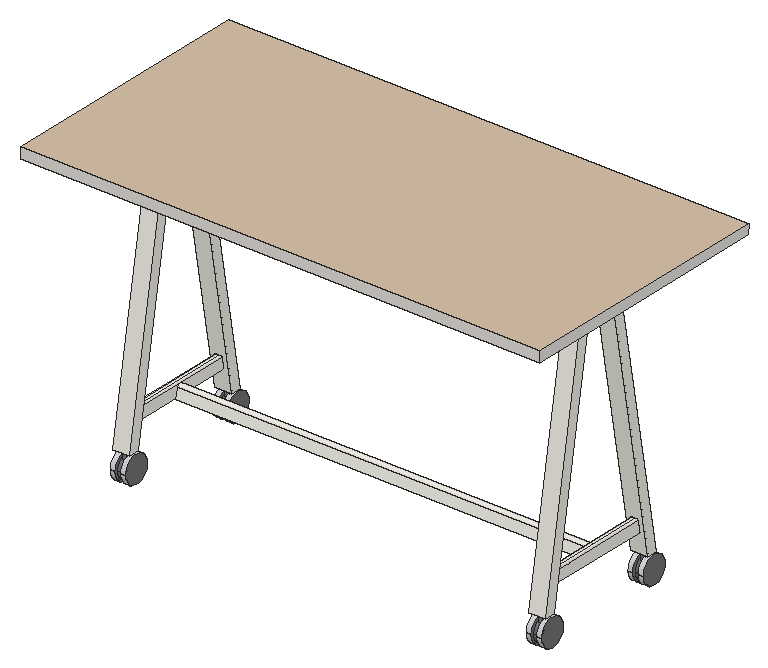
Revit family "Haworth_PopUp_Rectangle_BUILD Luqman", category Furniture, Revit 2015
Parameters (values of type "TPRA-3060 - 36h 30d 60w")
  Warranty = "http://www.haworth.com/resources/product-info/warranties"
  URL - Product = "https://www.haworth.com/products/tables/collaborative/popup"
  Type Comments = ""
  Top Finish [instance] = Haworth _ Wood _ White Oak
  Table Finish [instance] = Haworth _ Wood _ White Oak
  Table Edge Finish [instance] = Haworth _ Laminate _ Linen H-WL
  Sustainability Info = "https://media.haworth.com/asset/112938/PopUp%20Table.pdf"
  Model = "TPRA"  # constant formula
  Leg Finish [instance] = Haworth _ Paint _ Metallic White
  Min/Max Height = "36, 41in."  # constant formula
  Glides = not(Casters)  # no
  Foot Rail Finish [instance] = Haworth _ Paint _ Metallic White
  Description = "Haworth PopUp - Rectangular Table - 36h 30d 60w - Glides"
  Width = 60"
  URL = "www.haworth.com"
  Table Thickness = 1 3/16"  # constant formula
  Support Offset = 6"  # constant formula
  Size = "Verify Final Dim. w/ Haworth"  # constant formula
  Revision Number = "1"  # constant formula
  Min/Max Width = "48, 54, 60, 66, 72 in."  # constant formula
  Min/Max Depth = "18, 24, 30in."  # constant formula
  Min. Width = 48"  # constant formula
  Max. Width = 72"  # constant formula
  Min. Depth = 18"  # constant formula
  Max. Depth = 30"  # constant formula
  Manufacturer = "Haworth"  # constant formula
  Leg Height = Actual Height - Table Thickness  # 34 13/16"
  Depth = 30"
  Custom Size = not(and(or(Depth = 18", Depth = 24", Depth = 30"), or(Width = 48", Width = 54", Width = 60", Width = 66", Width = 72")))  # no
  Casters = yes
  Caster Finish [instance] = Haworth _ Paint _ Metallic Gunmetal
  Author = "Haworth (Alias)"  # constant formula
  Assembly Code = "E2020200"
  Actual Width = if(Width < Min. Width, Min. Width, if(Width > Max. Width, Max. Width, Width))  # 60"
  Actual Height = if(Table 36h, 36", 41")  # 36"
  Actual Depth = if(Depth > Max. Depth, Max. Depth, if(Depth < Min. Depth, Min. Depth, Depth))  # 30"
  Table 41h = not(Table 36h)  # no
  Table 36h = yes
Types (7): name | Top Finish | Table Finish | Glides | Description | Width | Leg Height | Depth | Casters | Actual Width | Actual Height | Actual Depth | Table 41h | Table 36h
  TPRA-3060 - 36h 30d 60w | Haworth _ Wood _ White Oak | Haworth _ Wood _ White Oak | no | "Haworth PopUp - Rectangular Table - 36h 30d 60w - Glides" | 60" | 34 13/16" | 30" | yes | 60" | 36" | 30" | no | yes
  TPRA-1848 - 36h 18d 48w | Haworth _ Wood _ Torei _ Ash Red | Haworth _ Wood _ Torei _ Ash Red | no | "Haworth PopUp - Rectangular Table - 36h 18d 48w - Casters" | 48" | 34 13/16" | 18" | yes | 48" | 36" | 18" | no | yes
  TPRA-1854 - 36h 18d 54w | Haworth _ Wood _ Torei _ Ash Red | Haworth _ Wood _ Torei _ Ash Red | no | "Haworth PopUp - Rectangular Table - 36h 18d 54w - Casters" | 54" | 34 13/16" | 18" | yes | 54" | 36" | 18" | no | yes
  TPRA-2466 - 36h 24d 66w | Haworth _ Wood _ White Oak | Haworth _ Wood _ White Oak | no | "Haworth PopUp - Rectangular Table - 36h 24d 66w - Casters" | 66" | 34 13/16" | 24" | yes | 66" | 36" | 24" | no | yes
  TPRA-2472 - 36h 24d 72w | Haworth _ Wood _ White Oak | Haworth _ Wood _ White Oak | no | "Haworth PopUp - Rectangular Table - 36h 24d 72w - Casters" | 72" | 34 13/16" | 24" | yes | 72" | 36" | 24" | no | yes
  TPRA-3060 - 41h 30d 60w | Haworth _ Wood _ White Oak | Haworth _ Wood _ White Oak | yes | "Haworth PopUp - Rectangular Table - 41h 30d 60w - Glides" | 60" | 39 13/16" | 30" | no | 60" | 41" | 30" | yes | no
  TPRA-2460 - 36h 24d 60w | Haworth _ Wood _ White Oak | Haworth _ Wood _ White Oak | no | "Haworth PopUp - Rectangular Table - 36h 24d 60w - Casters" | 60" | 34 13/16" | 24" | yes | 60" | 36" | 24" | no | yes
Reference planes (in)
  plane 1 "Center F/B": y = 0
  plane 2: z = 0
  plane 3 "Center L/R": x = 0
  plane 4 "Table Left": x = -30
  plane 5 "Table Right": x = 30
  plane 6 "Table Leg Left": x = -24
  plane 7 "Table Leg Right": x = 24
  plane 8 "Top": z = 36
  plane 9 "Table Thick": z = 34.8125
  plane 10 "Bottom Stand 3": z = 5.9375
  plane 11 "Top Stand 3": z = 7.4375
  plane 12 "Back": y = 15
  plane 13 "Front": y = -15
Forms (in)
  Extrusion 1, solid, material "Haworth _ Wood _ White Oak" <- "Table Finish"
    sketch origin (0, 0, 36) x (-1, 0, 0) y (0, -1, 0)
      loop
        line (30, -15) -> (30, 15) -> (-30, 15) -> (-30, -15) -> (30, -15)
    from 0 to -1.1875
  Extrusion 2, solid, material "Haworth _ Paint _ Metallic White" <- "Foot Rail Finish"
    sketch origin (0, 0, 0) x (0, 1, 0) y (0, 0, 1)
      loop
        line (-0.675, 5.9375) -> (0.675, 5.9375) -> (0.38383, 7.02417)
        arc (0.38383, 7.02417) -> (0, 7.31869) -> (-0.38383, 7.02417) r 0.39737
        line (-0.38383, 7.02417) -> (-0.675, 5.9375)
    from -24 to 24
Lines and regions (in)
  Masking region 1
    outline origin (0, 0, 36) x (-1, 0, 0) y (0, -1, 0)
      loop
        line (30, -15) -> (30, 15) -> (-30, 15) -> (-30, -15) -> (30, -15)
Dimensions and locks (in)
  "Support Offset": plane 4 "Table Left" to plane 6 "Table Leg Left"
  "Support Offset": plane 7 "Table Leg Right" to plane 5 "Table Right"
  "Actual Width": plane 4 "Table Left" to plane 5 "Table Right"
  equal spacing: plane 4 "Table Left", plane 3 "Center L/R", plane 5 "Table Right"
  "Actual Height": plane 8 "Top" to level
  "Table Thickness": plane 8 "Top" to plane 9 "Table Thick"
  equal spacing: plane 13 "Front", plane 1 "Center F/B", plane 12 "Back"
  "Actual Depth": plane 13 "Front" to plane 12 "Back"
  aligned and locked: Extrusion 1 sketch curve to plane 4 "Table Left"
  aligned and locked: Extrusion 1 sketch curve to plane 5 "Table Right"
  aligned and locked: plane 9 "Table Thick" to Extrusion 1
  aligned and locked: plane 8 "Top" to Extrusion 1
  aligned and locked: plane 7 "Table Leg Right" to Extrusion 2
  aligned and locked: Extrusion 2 to plane 6 "Table Leg Left"
  aligned and locked: Extrusion 1 sketch curve to plane 12 "Back"
  aligned and locked: Extrusion 1 sketch curve to plane 13 "Front"
  aligned and locked: Masking region 1 sketch curve to plane 5 "Table Right"
  aligned and locked: Masking region 1 sketch curve to plane 12 "Back"
  aligned and locked: Masking region 1 sketch curve to plane 4 "Table Left"
  aligned and locked: Masking region 1 sketch curve to plane 13 "Front"
  aligned and locked: plane 1 "Center F/B" to nested 1
  aligned and locked: plane 6 "Table Leg Left" to nested 1
  aligned and locked: plane 7 "Table Leg Right" to nested 2
  aligned and locked: plane 1 "Center F/B" to nested 2
Automatic sketch dimensions
  Extrusion 2 sketch curve to plane 10 "Bottom Stand 3" = 0"
  Extrusion 2 sketch curve to plane 1 "Center F/B" = 0"
  plane 1 "Center F/B" to Extrusion 2 sketch curve = 0.675"
  Extrusion 2 sketch curve to plane 11 "Top Stand 3" = 0.51618"
  plane 1 "Center F/B" to Extrusion 2 sketch curve = 0.38383"
  Extrusion 2 sketch curve to plane 1 "Center F/B" = 0.38383"
  Extrusion 2 sketch curve to Extrusion 2 sketch curve = 0.10285"
  Extrusion 2 sketch curve to plane 1 "Center F/B" = 0.675"
Nested families (in)
  nested 1: "Haworth_PopUp-Leg_Part" at (-24, 0, 0), type "Leg"
  nested 2: "Haworth_PopUp-Leg_Part" at (24, 0, 0), type "Leg"
Definition of nested family "Haworth_PopUp-Leg_Part"
  Parameters (values of type "Leg")
    Table 41h = no
    Table 36h = yes
    Support Thickness = 5/16"  # constant formula
    Model = "Haworth_PopUp-Leg_Part"  # constant formula
    Manufacturer = "Haworth"  # constant formula
    Leg Height = if(Table 41h, 39 13/16", 34 13/16")  # 34 13/16"
    Leg Finish = none
    Glides = no
    Description = "Haworth PopUp-Leg Part"
    Casters = yes
    Caster Finish = none
    Bottom Leg = if(Casters, 3 7/16", 1")  # 3 7/16"
    Auther = "Haworth (Alias)"  # constant formula
    Assembly Code = ""
  Reference planes (in)
    plane 1 "Center (Front/Back)": y = 0
    plane 2: z = 0
    plane 3 "Center (Left/Right)": x = 0
    plane 4 "Top of Leg": z = 34.8125
    plane 5 "Right": x = 1
    plane 6 "Left": x = -1
    plane 7 "Back Legs": y = 8.5
    plane 8 "Front Legs": y = -8.5
    plane 9 "Front Stand 1": through (0, -8.03063, 3) normal (0, -0.9848, 0.1736)
    plane 10 "Back Stand 1": through (0, -6.86117, 2.79379) normal (0, -0.9848, 0.1736)
    plane 11 "Bottom Stand 3": z = 5.9375
    plane 12 "Top Stand 3": z = 7.4375
    plane 13 "Back Stand 2": through (0, 8.03063, 3) normal (0, -0.9848, -0.1736)
    plane 14 "Front Stand 2": through (0, 6.86117, 2.79379) normal (0, -0.9848, -0.1736)
    plane 15 "Top of Stand": z = 34.5
    plane 16 "Back Support": y = 3.99999
    plane 17 "Right Support": x = 2.75376
    plane 18 "Front Support": y = -4.00001
    plane 19 "Left Support": x = -2.74624
    plane 20 "Caster Height": z = 3.4375
    plane 21 "Back Caster": y = 7.34142
    plane 22 "Front Casters": y = -7.34142
    plane 23: y = -7.84923
    plane 24: y = 7.84923
  Forms (in)
    Extrusion 1, solid, material <- "Leg Finish"
      sketch origin (-1, 0, 0) x (0, -1, 0) y (0, 0, 1)
        loop
          line (7.95348, 3.4375) -> (2.47633, 34.5) -> (1.27051, 34.5) -> (6.74767, 3.4375) -> (7.95348, 3.4375)
      from -2 to 0
    Extrusion 2, solid, material <- "Leg Finish"
      sketch origin (0, 0, 34.5) x (0, -1, 0) y (1, 0, 0)
        loop
          arc (-3.99999, -2.49624) -> (-3.92677, -2.67302) -> (-3.74999, -2.74624) r 0.25
          line (-3.74999, -2.74624) -> (3.75001, -2.74624)
          arc (3.75001, -2.74624) -> (3.92678, -2.67302) -> (4.00001, -2.49624) r 0.25
          line (4.00001, -2.49624) -> (4.00001, 2.50376)
          arc (4.00001, 2.50376) -> (3.92678, 2.68053) -> (3.75001, 2.75376) r 0.25
          line (3.75001, 2.75376) -> (-3.74999, 2.75376)
          arc (-3.74999, 2.75376) -> (-3.92677, 2.68053) -> (-3.99999, 2.50376) r 0.25
          line (-3.99999, 2.50376) -> (-3.99999, -2.49624)
      from 0 to 0.3125
    Extrusion 3, solid, material <- "Leg Finish"
      sketch origin (-1, 0, 0) x (0, 1, 0) y (0, 0, -1)
        loop
          line (7.95348, -3.4375) -> (6.74767, -3.4375) -> (1.27051, -34.5) -> (2.47633, -34.5) -> (7.95348, -3.4375)
      from -2 to 0
    Extrusion 4, solid, visible <- "Glides"
      sketch origin (0, 0, 34.5) x (0, -1, 0) y (1, 0, 0)
        loop
          circle (7.84923, 0) r 0.5
      from -34.5 to -31.0625
    Extrusion 5, solid, visible <- "Glides"
      sketch origin (0, 0, 34.5) x (0, 1, 0) y (-1, 0, 0)
        loop
          circle (7.84923, 0) r 0.5
      from -31.0625 to -34.5
    Extrusion 6, solid, material <- "Leg Finish"
      sketch origin (0, 0, 0) x (1, 0, 0) y (0, 0, 1)
        loop
          line (-0.37124, 5.9375) -> (0.37876, 5.9375) -> (0.37876, 7.23828)
          arc (0.37876, 7.23828) -> (0.32041, 7.37915) -> (0.17954, 7.4375) r 0.19922
          line (0.17954, 7.4375) -> (-0.17124, 7.4375)
          arc (-0.17124, 7.4375) -> (-0.31266, 7.37892) -> (-0.37124, 7.2375) r 0.2
          line (-0.37124, 7.2375) -> (-0.37124, 5.9375)
      from -6.74767 to 6.74767
  Cuts and joins
    joined: Extrusion 1, Extrusion 3, Extrusion 6
  Lines and regions (in)
    symbolic lines, detail levels medium+fine
      curve 1: line (-1, -8.5, 34.5) -> (1, -8.5, 34.5)
      curve 2: line (1, -8.5, 34.5) -> (1, 8.5, 34.5)
      curve 3: line (1, 8.5, 34.5) -> (-1, 8.5, 34.5)
      curve 4: line (-1, 8.5, 34.5) -> (-1, -8.5, 34.5)
  Dimensions and locks (in)
    "Leg Height": plane 4 "Top of Leg" to level
    "Support Thickness": plane 4 "Top of Leg" to plane 15 "Top of Stand"
    "Bottom Leg": plane 20 "Caster Height" to plane 2
    aligned and locked: Extrusion 1 sketch curve to plane 10 "Back Stand 1"
    aligned and locked: plane 9 "Front Stand 1" to Extrusion 1 sketch curve
    aligned and locked: plane 15 "Top of Stand" to Extrusion 1 sketch curve
    aligned and locked: plane 5 "Right" to Extrusion 1
    aligned and locked: plane 6 "Left" to Extrusion 1
    aligned and locked: Extrusion 2 to plane 15 "Top of Stand"
    aligned and locked: plane 4 "Top of Leg" to Extrusion 2
    aligned and locked: Extrusion 3 sketch curve to plane 13 "Back Stand 2"
    aligned and locked: plane 14 "Front Stand 2" to Extrusion 3 sketch curve
    aligned and locked: Extrusion 3 sketch curve to plane 15 "Top of Stand"
    aligned and locked: plane 5 "Right" to Extrusion 3
    aligned and locked: plane 6 "Left" to Extrusion 3
    aligned and locked: Extrusion 2 sketch curve to plane 17 "Right Support"
    aligned and locked: Extrusion 2 sketch curve to plane 18 "Front Support"
    aligned and locked: Extrusion 2 sketch curve to plane 19 "Left Support"
    aligned and locked: Extrusion 2 sketch curve to plane 16 "Back Support"
    aligned and locked: Extrusion 1 sketch curve to plane 20 "Caster Height"
    aligned and locked: plane 20 "Caster Height" to Extrusion 3 sketch curve
    aligned and locked: plane 3 "Center (Left/Right)" to Extrusion 4 sketch curve
    aligned and locked: Extrusion 4 to level
    aligned and locked: plane 20 "Caster Height" to Extrusion 4
    aligned and locked: nested 1 to plane 22 "Front Casters"
    aligned and locked: plane 21 "Back Caster" to nested 2
    aligned and locked: nested 2 to plane 3 "Center (Left/Right)"
    aligned and locked: nested 1 to plane 3 "Center (Left/Right)"
    aligned and locked: level to Extrusion 5
    aligned and locked: Extrusion 5 to Extrusion 1
    aligned and locked: plane 24 to Extrusion 5 sketch curve
    aligned and locked: plane 23 to Extrusion 4 sketch curve
    aligned and locked: Extrusion 6 sketch curve to plane 11 "Bottom Stand 3"
    aligned and locked: Extrusion 6 sketch curve to plane 12 "Top Stand 3"
    aligned and locked: plane 8 "Front Legs" to curve 1
    aligned and locked: plane 5 "Right" to curve 2
    aligned and locked: plane 6 "Left" to curve 4
    aligned and locked: curve 3 to plane 7 "Back Legs"
  Automatic sketch dimensions
    Extrusion 2 sketch curve to plane 16 "Back Support" = 1/4"  (x2)
    Extrusion 2 sketch curve to plane 18 "Front Support" = 1/4"  (x2)
    Extrusion 5 sketch curve to plane 3 "Center (Left/Right)" = 0"
    Extrusion 6 sketch curve to plane 3 "Center (Left/Right)" = 0.17124"
    plane 3 "Center (Left/Right)" to Extrusion 6 sketch curve = 0.17954"
    Extrusion 6 sketch curve to plane 12 "Top Stand 3" = 51/256"
    Extrusion 6 sketch curve to plane 12 "Top Stand 3" = 0.2"
    radius of Extrusion 4 sketch curve = 1/2"
    radius of Extrusion 5 sketch curve = 1/2"
  Nested families (in)
    nested 1: "Haworth_3in Caster_Part" at (0, -7.34142, 0) x (-1, 0, 0) z (0, 0, 1), visible <- "Casters", type "Haworth_3in Caster_Part"
    nested 2: "Haworth_3in Caster_Part" at (0, 7.34142, 0) x (-1, 0, 0) z (0, 0, 1), visible <- "Casters", type "Haworth_3in Caster_Part"
  Definition of nested family "Haworth_3in Caster_Part"
    Parameters (values of type "Haworth_3in Caster_Part")
      Caster Finish = none
      Cart Leg Finish = none
      Assembly Code = ""
    Reference planes (in)
      plane 1 "Center (Front/Back)": y = 0
      plane 2: z = 0
      plane 3 "Center (Left/Right)": x = 0
    Forms (in)
      Extrusion 1, solid
        sketch origin (0, 0, -0.02118) x (0, 1, 0) y (0, 0, 1)
          loop
            circle (-0.48695, 1.58368) r 1.5625
        from 0.875 to 0.3125
      Extrusion 2, solid
        sketch origin (0, 0, -0.02118) x (0, 1, 0) y (0, 0, 1)
          loop
            circle (-0.48695, 1.58368) r 1.5625
        from -0.875 to -0.3125
      Extrusion 3, solid, material <- "Cart Leg Finish"
        sketch origin (0, 0, 0) x (0, 1, 0) y (0, 0, 1)
          loop
            circle (-0.48695, 1.5625) r 1.3125
        from -0.3125 to 0.3125
      Extrusion 4, solid, material <- "Cart Leg Finish"
        sketch origin (0, 0, 0) x (1, 0, 0) y (0, 1, 0)
          loop
            circle (0, 0) r 0.25
        from 2.4375 to 3.4375
    Cuts and joins
      joined: Extrusion 3, Extrusion 4
    Dimensions and locks (in)
      plane 3 "Center (Left/Right)" to Extrusion 2 = 5/16"
      Extrusion 1 to plane 3 "Center (Left/Right)" = 7/8"
